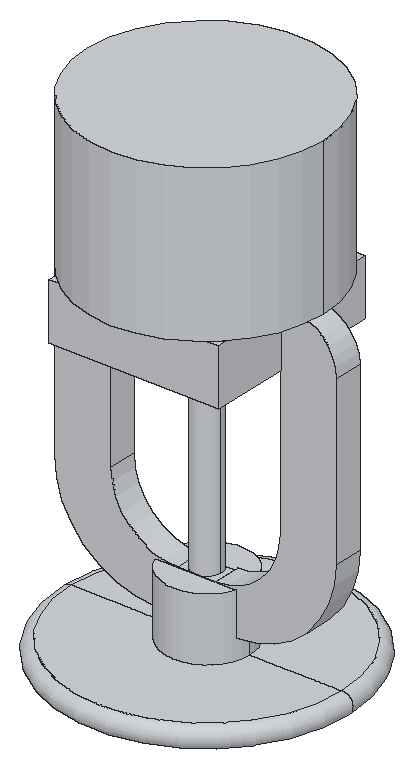
Revit family
Parameters (values of type "RASCO F1FR PENDENT")
  Temperature Rating = 155 °F
  Response = 1
  RASCO SIN # = "R3612"
  RASCO Part # = "F1FRP1LB"
  Pressure Rating = "175 PSI"
  Pressure Class = (empty or 0)
  Orifice Size = 17/32"
  Orifice = (empty or 0)
  Model = "F1FR"
  Manufacturer = "RASCO"
  K-Factor = 8
  Description = "Bronze Finish"
  Coverage = (empty or 0)
Reference planes (in)
  plane 1 "Center (Front/Back)": y = 0
  plane 2: z = 0
  plane 3 "Center (Left/Right)": x = 0
Dimensions and locks (in)
  aligned and locked: plane 2 to level
Nested families (in)
  nested 1: "F1FRP1LB" at (-0.01148, 0, 2.4375) x (-1, 0, 0) z (0, 0, -1), type "RASCO F1FR PENDENT"
Connectors (in)
  piping at (-0.01148, 0, 2.4375)
    settings: on nested 1, index 1, connector radius 1/2", flow factor 0, pipe flow 0 GPM, pressure drop 0.00 psi, fitting loss kfactor 0, connector angle 0.00°, fixture units 0, flow configuration 0, flow direction 0, fitting loss method 0, system type 7, connector reference index -1, connector utility 0, adjustable connector no, is connector primary yes, fitting loss table "", connector description ""
Definition of nested family "F1FRP1LB"
  Parameters (values of type "RASCO F1FR PENDENT")
    Type Comments = ""
    Temperature Rating = 0 °F
    Response = (empty or 0)
    Pressure Rating = "0"
    Pressure Class = (empty or 0)
    Orifice Size = 0"
    Orifice = (empty or 0)
    Model = ""
    Manufacturer = ""
    K-Factor = 0
    Description = ""
    Coverage = (empty or 0)
    Assembly Code = ""
  Reference planes (in)
    plane 1 "Center (Front/Back)": y = 0
    plane 2: z = 0
    plane 3 "ref.2": z = 0.6875
    plane 4 "ref.3": z = 0.9375
    plane 5: x = -0.38065
    plane 6: x = 0.36935
    plane 7 "ref. side 1": y = 0.06402
    plane 8 "ref. side 2": y = -0.06098
    plane 9 "ref.4": z = 1.875
    plane 10 "ref.5": z = 2.3125
    plane 11 "ref.6": z = 2.4375
  Forms (in)
    Extrusion 1, solid
      sketch origin (0, 0, 0) x (1, 0, 0) y (0, 1, 0)
        loop
          circle (0, 0) r 0.5221
      from 0 to 0.6875
    Extrusion 2, solid
      sketch origin (-0.12185, 0.05177, 0.6875) x (1, 0, 0) y (0, 1, 0)
        loop
          line (-0.2588, 0.356) -> (-0.2588, -0.4565) -> (0.4912, -0.4565) -> (0.4912, 0.356) -> (-0.2588, 0.356)
      from 0 to 0.25
    Extrusion 3, solid
      sketch origin (0, 0, 0) x (1, 0, 0) y (0, 0, 1)
        loop
          line (-0.38065, 0.69674) -> (-0.38065, 1.58397)
          arc (-0.38065, 1.58397) -> (-0.29541, 1.78976) -> (-0.08962, 1.875) r 0.29103
          line (-0.08962, 1.875) -> (0.07524, 1.875)
          arc (0.07524, 1.875) -> (0.28321, 1.78886) -> (0.36935, 1.58089) r 0.29411
          line (0.36935, 1.58089) -> (0.36935, 0.69728)
          arc (0.36935, 0.69728) -> (0.54046, 0.72329) -> (0.61935, 0.87734) r 0.18984
          line (0.61935, 0.87734) -> (0.61935, 1.61676)
          arc (0.61935, 1.61676) -> (0.48879, 1.93194) -> (0.17361, 2.0625) r 0.44574
          line (0.17361, 2.0625) -> (-0.18509, 2.0625)
          arc (-0.18509, 2.0625) -> (-0.50015, 1.932) -> (-0.63065, 1.61694) r 0.44556
          line (-0.63065, 1.61694) -> (-0.63065, 0.87876)
          arc (-0.63065, 0.87876) -> (-0.55196, 0.72414) -> (-0.38065, 0.69674) r 0.19126
      from -0.06402 to 0.06098
    Extrusion 4, solid
      sketch origin (0, 0, 0.9375) x (-1, 0, 0) y (0, -1, 0)
        loop
          circle (0.00574, -0.00152) r 0.0625
      from 0 to 0.9375
    Extrusion 5, solid
      sketch origin (0, 0, 1.875) x (-1, 0, 0) y (0, -1, 0)
        loop
          circle (0.00574, -0.00152) r 0.1875
      from 0 to 0.4375
    Revolve 6, solid
      sketch origin (0, 0, -0.2777) x (1, 0, 0) y (0, 0, 1)
        loop
          line (-0.19324, 2.43242) -> (-0.19324, 2.52696) -> (-0.60463, 2.52696)
          arc (-0.60463, 2.52696) -> (-0.6519, 2.47969) -> (-0.60463, 2.43242) r 0.04727
          line (-0.60463, 2.43242) -> (-0.19324, 2.43242)
        axis (-0.00574, 2.43242) -> (-0.00574, 2.52696)
      angle from 0 to 360
  Cuts and joins
    joined: Extrusion 1, Extrusion 2, Extrusion 4, Revolve 6
  Lines and regions (in)
    model lines
      curve 1: line (-0.00574, 0.06402, 1.875) -> (-0.00574, -0.06098, 1.875)
